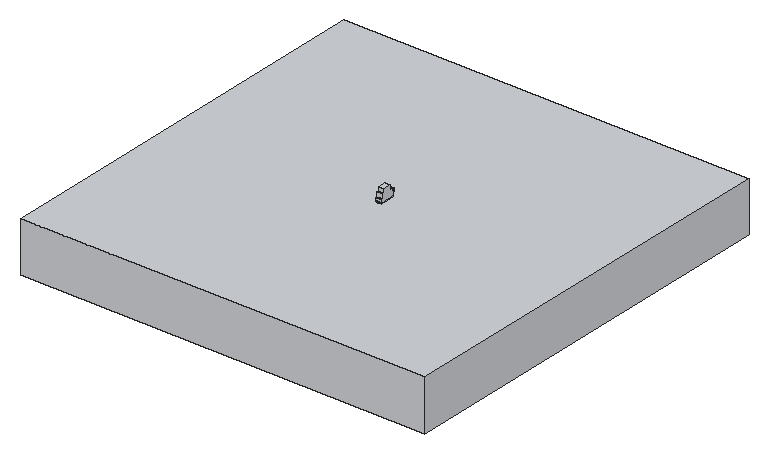
Revit family "Gira_216800", category Elektroinstallationen, Revit 2017
Family settings
  Basisbauteil = Fläche
  Beschriftungsausrichtung beibehalten = Nein
  Bemaßung runder Anschluss = Durchmesser verwenden
  Teiletyp = Normal
  Beim Laden mit Abzugskörper schneiden = Nein
  Gemeinsam genutzt = Nein
  Raumberechnungspunkt = Nein
Parameters (values of type "IP-Schnittst. KNX REG")
  Default Elevation = 1219.2 mm
  Vor Ort-/Handbedienung = no
  URL = "https://www.gira.de/"
  Typname = "IP-Schnittst. KNX REG"
  Type Comments = ""
  Stromart = ""
  Schutzart (IP) = ""
  Produktseite = "https://media.stage.bim.site/t/eyJhbGciOiJIUzI1NiIsInR5cCI6IkpXVCJ9.eyJjdCI6MiwidHUiOiJodHRwOi8va2F0YWxvZy5naXJhLmRlL2RlX0RFL2RhdGVuYmxhdHQuaHRtbD9hcnRpa2VsbnI9MjE2ODAwIiwiY2lkIjoiMzI3N2NjMjMtODFhOS00ZWUzLWE5MGEtYjQ3YmI0YzBiNjE2IiwicmlkIjoiODllZWU0MjhmZDU1OTczODFjYjBiZWRmMjExMTJkNmIiLCJwaWQiOiIwOTcwMjM2ZDVkYmNmZDg2NzY3ZDQxOGE3YmQwOTNiYTdmNWNkMWFmIiwic2lkIjoiNjM0NzAiLCJ1dCI6MSwibGMiOiJkZSIsImlhdCI6MTYwMDkzOTUwOSwiaXNzIjoiaHR0cHM6Ly9hcGkubGl2ZS5iaW0uc2l0ZSIsInN1YiI6ImFkbWluQGJpbXNpdGUuZGV2In0.qobkjElTv_jFOS6XVOgXuCoQNq-WvzV_8J5PA-mDVJc"
  Montageart = ""
  Model = ""
  Mit LED-Anzeige = no
  Mit Busankopplung = no
  Max. Schaltleistung [Voltampere] = 0
  Max. Anzahl der Jalousieausgänge = 0
  Kosten = 0
  Installationstechnik = ""
  Hersteller = "Gira"
  HeinzeBIM = "https://www.heinze.de/bim/ip-schnittst-knx-reg/0970236d5dbcfd86767d418a7bd093ba7f5cd1af"
  HAN = "216800"
  GTIN = "4010337084457"
  Funktion Schalten = no
  Funktion = ""
  Datenblatt 1 = "https://media.stage.bim.site/t/eyJhbGciOiJIUzI1NiIsInR5cCI6IkpXVCJ9.eyJjdCI6MSwidGYiOiJwdWJsaWMvZ2lyYS9hZThjNTU3LzIxNjgwMC50eHQiLCJjaWQiOiIzMjc3Y2MyMy04MWE5LTRlZTMtYTkwYS1iNDdiYjRjMGI2MTYiLCJyaWQiOiI4OWVlZTQyOGZkNTU5NzM4MWNiMGJlZGYyMTExMmQ2YiIsInBpZCI6IjA5NzAyMzZkNWRiY2ZkODY3NjdkNDE4YTdiZDA5M2JhN2Y1Y2QxYWYiLCJzaWQiOiI2MzQ3MCIsInV0IjoxLCJsYyI6ImRlIiwiaWF0IjoxNjAwOTM5NTA5LCJpc3MiOiJodHRwczovL2FwaS5saXZlLmJpbS5zaXRlIiwic3ViIjoiYWRtaW5AYmltc2l0ZS5kZXYifQ.UfKsnaRWI_QkKVZjiYcKN2dUMWWJ65xFJKTllFKq5o4/216800.txt"
  Datenblatt = "https://media.stage.bim.site/t/eyJhbGciOiJIUzI1NiIsInR5cCI6IkpXVCJ9.eyJjdCI6MSwidHUiOiJodHRwczovL2thdGFsb2cuZ2lyYS5kZS9kZV9ERS9kb3dubG9hZC5odG1sP2FydGlrZWxucj0yMTY4MDAiLCJjaWQiOiIzMjc3Y2MyMy04MWE5LTRlZTMtYTkwYS1iNDdiYjRjMGI2MTYiLCJyaWQiOiI4OWVlZTQyOGZkNTU5NzM4MWNiMGJlZGYyMTExMmQ2YiIsInBpZCI6IjA5NzAyMzZkNWRiY2ZkODY3NjdkNDE4YTdiZDA5M2JhN2Y1Y2QxYWYiLCJzaWQiOiI2MzQ3MCIsInV0IjoxLCJsYyI6ImRlIiwiaWF0IjoxNjAwOTM5NTA5LCJpc3MiOiJodHRwczovL2FwaS5saXZlLmJpbS5zaXRlIiwic3ViIjoiYWRtaW5AYmltc2l0ZS5kZXYifQ.QSEDVHt2c-ViWQFbtoo2AurTsgEXSeRV-SzNDgDs_XM"
  Bussystem Powernet = no
  Bussystem LON = no
  Bussystem KNX-Funk = no
  Bussystem KNX = no
  Bussystem Funkbus = no
  Breite in Teilungseinheiten = 0
  Beschreibung = "KNX IP-Schnittstelle  REG plus Merkmale:  Zur Ankopplung eines PCs an den KNX Bus um KNX Komponenten zu adressieren, programmieren oder diagnostizieren.  Hinweise :  Versorgung über externe DC 24 V."
  Assembly Code = ""
  Keynote = ""
  BIMSITE_PRODUCT_ID = "0970236d5dbcfd86767d418a7bd093ba7f5cd1af"
  BIM = "https://media.stage.bim.site/t/eyJhbGciOiJIUzI1NiIsInR5cCI6IkpXVCJ9.eyJjdCI6MSwidGYiOiJwdWJsaWMvZ2lyYS9hZThjNTU3L0dpcmEgWDEgUkVHIEtOWC5yZmEiLCJjaWQiOiIzMjc3Y2MyMy04MWE5LTRlZTMtYTkwYS1iNDdiYjRjMGI2MTYiLCJyaWQiOiI4OWVlZTQyOGZkNTU5NzM4MWNiMGJlZGYyMTExMmQ2YiIsInBpZCI6IjA5NzAyMzZkNWRiY2ZkODY3NjdkNDE4YTdiZDA5M2JhN2Y1Y2QxYWYiLCJzaWQiOiI2MzQ3MCIsInV0Ijo1LCJsYyI6ImRlIiwiaWF0IjoxNjAwOTM5NTA5LCJpc3MiOiJodHRwczovL2FwaS5saXZlLmJpbS5zaXRlIiwic3ViIjoiYWRtaW5AYmltc2l0ZS5kZXYifQ.yzfkCamrFnbw7MnNB2FBLoq8TlxPFelBZf4fbU3D0Jk/Gira X1 REG KNX.rfa"
  Anzahl der Eingänge = 0
  Andere Bussysteme = ""
Reference planes
  plane 1 "Center (Front/Back)": y = 0
  plane 2: z = 0
  plane 3 "Center (Left/Right)": x = 0
Forms (mm)
  Extrusion 1, solid
    sketch origin (0, 0, 0) x (1, 0, 0) y (0, 1, 0)
      loop
        line (-1219.2, 1219.2) -> (-1219.2, -1219.2) -> (1219.2, -1219.2) -> (1219.2, 1219.2) -> (-1219.2, 1219.2)
    from 0 to -304.8
  Extrusion 2, solid, detail levels fine
    sketch origin (0, -0.2, 0) x (0, 1, 0) y (0, 0, 1)
      loop
        line (22.65, 43.82) -> (22.65, 68.77) -> (-22.25, 68.77) -> (-22.25, 43.82) -> (-30.4, 43.82) -> (-30.4, 19.42) -> (-44.8, 19.42) -> (-44.8, 1.97) -> (45.192, 1.97) -> (45.192, 28.47) -> (32.925, 28.47) -> (32.831, 39.259) -> (31.225, 41.242) -> (31.225, 43.82) -> (22.65, 43.82)
    from -17.95 to 17.95
  Extrusion 3, solid, detail levels fine
    sketch origin (0, -0.2, 0) x (0, 1, 0) y (0, 0, 1)
      loop
        line (45.192, 43.82) -> (31.225, 43.82) -> (31.225, 41.242) -> (32.831, 39.259) -> (32.925, 28.47) -> (45.192, 28.47) -> (45.192, 43.82)
    from -17.95 to -15.8
  Extrusion 4, solid, detail levels fine
    sketch origin (0, -0.2, 0) x (0, 1, 0) y (0, 0, -1)
      loop
        line (45.192, -43.82) -> (45.192, -28.47) -> (32.925, -28.47) -> (32.831, -39.259) -> (31.225, -41.242) -> (31.225, -43.82) -> (45.192, -43.82)
    from -17.95 to -15.8
  Extrusion 5, solid, detail levels fine
    sketch origin (0, -0.2, 0) x (0, 1, 0) y (0, 0, 1)
      loop
        line (31.5, 42.848) -> (31.5, 40.412)
        arc (31.5, 40.412) -> (38.359, 39.512) -> (45.192, 38.435) r 267
        line (45.192, 38.435) -> (45.192, 14.255)
        arc (45.192, 14.255) -> (50.205, 15.189) -> (55.2, 16.219) r 264.9
        line (55.2, 16.219) -> (55.2, 38.933)
        arc (55.2, 38.933) -> (43.394, 41.159) -> (31.5, 42.848) r 265
    from -15.506 to 15.5
  Extrusion 6, solid, detail levels fine
    sketch origin (0, -0.2, 0) x (0, 1, 0) y (0, 0, 1)
      loop
        line (45.2, 1.5) -> (17.774, 1.5) -> (17.905, -6.017)
        arc (17.905, -6.017) -> (20.285, -6.454) -> (22.7, -6.6) r 20
        arc (22.7, -6.6) -> (33.985, -5.009) -> (45.128, -2.618) r 160
        line (45.128, -2.618) -> (45.2, 1.5)
    from -17.95 to 18
  Extrusion 7, solid, detail levels fine
    sketch origin (0, -0.2, 0) x (0, 1, 0) y (0, 0, 1)
      loop
        line (17.905, -6.017) -> (17.824, -1.4) -> (16.8, -1.4) -> (14.749, -4.952)
        arc (14.749, -4.952) -> (16.305, -5.55) -> (17.905, -6.017) r 20
    from -17.95 to -13
  Extrusion 8, solid, detail levels fine
    sketch origin (0, -0.2, 0) x (0, 1, 0) y (0, 0, -1)
      loop
        arc (17.905, 6.017) -> (16.305, 5.55) -> (14.749, 4.952) r 20
        line (14.749, 4.952) -> (16.8, 1.4) -> (17.824, 1.4) -> (17.905, 6.017)
    from -17.95 to -13
  Extrusion 9, solid, detail levels fine
    sketch origin (0, -0.2, 0) x (0, 1, 0) y (0, 0, 1)
      loop
        line (17.8, 0) -> (17.774, 1.5) -> (-44.8, 1.5) -> (-44.774, 0) -> (17.8, 0)
    from -17.95 to 17.95
  Extrusion 10, solid, detail levels fine
    sketch origin (0, 0, 0) x (0, 1, 0) y (0, 0, 1)
      loop
        line (-48.916, -3.317) -> (-44.906, -3.881) -> (-44.974, 0) -> (-48.916, 0) -> (-48.916, -3.317)
    from -4.803 to 4.797
  Extrusion 11, solid, detail levels fine
    sketch origin (0, 0, 0) x (0, 1, 0) y (0, 0, 1)
      loop
        arc (-22.5, -6.6) -> (-20.811, -6.529) -> (-19.134, -6.315) r 20
        line (-19.134, -6.315) -> (-18.029, -3.279) -> (-18, 0) -> (-44.974, 0) -> (-44.928, -2.618)
        arc (-44.928, -2.618) -> (-33.785, -5.009) -> (-22.5, -6.6) r 160
    from -17.95 to -10.5
  Extrusion 12, solid, detail levels fine
    sketch origin (0, 0, 0) x (0, 1, 0) y (0, 0, -1)
      loop
        arc (-22.5, 6.6) -> (-33.785, 5.009) -> (-44.928, 2.618) r 160
        line (-44.928, 2.618) -> (-44.974, 0) -> (-18, 0) -> (-18.029, 3.279) -> (-19.134, 6.315)
        arc (-19.134, 6.315) -> (-20.811, 6.529) -> (-22.5, 6.6) r 20
    from -17.95 to -10.5
  Extrusion 13, solid, detail levels fine
    sketch origin (0, 0, 0) x (0, 1, 0) y (0, 0, 1)
      loop
        line (-30.708, -6.6) -> (-30.65, 0) -> (-44.974, 0) -> (-44.859, -6.6) -> (-30.708, -6.6)
    from -10.5 to 10.5
  Extrusion 14, solid, detail levels fine
    sketch origin (0, 0, 0) x (1, 0, 0) y (0, 1, 0)
      loop
        circle (-0.003, -20.023) r 1
    from -7.682 to 0
  Extrusion 15, solid, detail levels fine
    sketch origin (0, 0, 0) x (0, 1, 0) y (0, 0, 1)
      loop
        line (-17.523, -0.8) -> (-17.523, 0) -> (-30.65, 0) -> (-30.684, -3.9) -> (-27.106, -3.9) -> (-27.106, -5.6) -> (-19.623, -6.6) -> (-18.03, -6.6) -> (-15.023, -2.682) -> (-15.023, -1.517) -> (-17.523, -0.8)
    from -4.503 to 4.5
  Extrusion 16, solid, detail levels fine
    sketch origin (0, 0, 0) x (1, 0, 0) y (0, 1, 0)
      loop
        line (16.859, 43.848) -> (-16.859, 43.848) -> (-16.859, -43.859) -> (16.859, -43.859) -> (16.859, 43.848)
    from 1.5 to 4
  Extrusion 17, solid, detail levels medium
    sketch origin (0, 0, 0) x (0, 1, 0) y (0, 0, 1)
      loop
        line (22.45, 68.77) -> (-22.45, 68.77) -> (-22.45, 43.82) -> (-30.6, 43.82) -> (-30.6, 19.42) -> (-45, 19.42) -> (-45, 0) -> (-48.916, 0) -> (-48.916, -6.6) -> (-15.023, -6.6) -> (-15.023, 0) -> (14.549, 0) -> (14.549, -6.6) -> (44.992, -6.6) -> (44.992, 14.255)
        arc (44.992, 14.255) -> (50.005, 15.189) -> (55, 16.219) r 264.9
        line (55, 16.219) -> (55, 38.933)
        arc (55, 38.933) -> (50.005, 39.943) -> (44.992, 40.856) r 265
        line (44.992, 40.856) -> (44.992, 43.82) -> (22.45, 43.82) -> (22.45, 68.77)
    from -17.95 to 17.95
  Extrusion 18, solid, detail levels coarse
    sketch origin (0, 0, 0) x (1, 0, 0) y (0, 1, 0)
      loop
        line (-17.95, 55) -> (-17.95, -48.916) -> (17.95, -48.916) -> (17.95, 55) -> (-17.95, 55)
    from -7.682 to 68.77
Dimensions and locks
  aligned and locked: plane 2 to Extrusion 1
  aligned and locked: level to Extrusion 1
Connectors
  electrical at (0, -13.687, 0)
    settings: on Extrusion 9, index 1, voltage 24 V, apparent load 0 VA, apparent load phase1 0 VA, apparent load phase2 0 VA, apparent load phase3 0 VA, power factor 1, load classification "Other", number of poles 1, system type 30, power factor state 1, is connector primary yes, connector utility no, sub classification motor no, connector description ""
